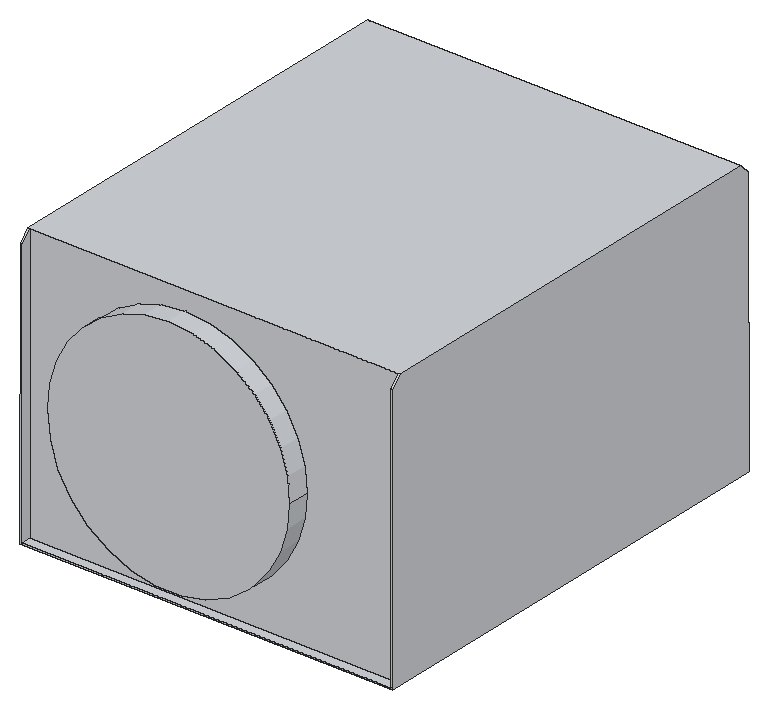
Revit family "CADS_Vent-Axia_MechEquip_Fan_QP_QuietPackAcoustic - EXTRACT", category Mechanical Equipment, host Face, Revit 2020
Family settings
  Host = Face
  Round Connector Dimension = Use Diameter
  Classification = None
  Part Type = Normal
  OmniClass Number = 23.75.35.17.11
  OmniClass Title = Fans for Air Ductwork
  Cut with Voids When Loaded = No
  Shared = No
  Room Calculation Point = No
Parameters (values of type "QP500C")
  WorkingPressure = 0.0 Pa
  WarrantyStartDate [instance] = "1900-12-31T23:59:59"
  WarrantyPeriod = ""
  WarrantyIdentifier = "N/A"
  WarrantyGuarantorParts = "tech@vent-axia.com"
  WarrantyGuarantorLabor = "tech@vent-axia.com"
  WarrantyGuarantor = "Vent-Axia Limited"
  WarrantyEndDate [instance] = "1900-12-31T23:59:59"
  WarrantyContent = ""
  W = 0 mm
  Type Image = CADS_Vent-Axia_MechEquip_Fan_QP_QuietPackAcoustic.jpg
  TemperatureRange = ""
  TagNumber [instance] = "N/A"
  SustainabilityPerformance = ""
  Status = "New"
  SpigotLength = (OverallLength - NominalLength) / 2  # 44 mm
  SpigotCLHeight = 286 mm
  Size = ""
  Shape = ""
  ServiceLifeType = ""
  ServiceLifeDuration = ""
  SerialNumber [instance] = "N/A"
  ReplacementCost = ""
  RatedVoltage = 0 V
  RatedCurrent = 0 A
  Quantity = 1
  ProductionYear = ""
  PressureCurve = ""
  PowerFactor = ""
  PointOfContact = ""
  OverallLength = 1006 mm
  OutOffset = 326 mm
  NumberOfPoles = 0
  NominalWidth = 769 mm
  NominalLength = 918 mm
  NominalHeight = 575 mm
  NominalFrequencyRange = ""
  NominalDiameter = 500 mm
  ModelReference = "ACOUSTIC BOX FAN, 500 DIA SPIGOTS"
  ModelNumber = "QP500C"
  Material = ""
  ManufacturerE-Mail = "tech@vent-axia.com"
  ManufacturerAddress = "Fleming Way\nCrawley \nRH10 9YX"
  L = NominalLength - 40 mm  # 878 mm
  IsExtendedWarranty = no
  InsulationStandardClass = ""
  InstallationDate [instance] = "1900-12-31T23:59:59"
  IfcExportType [instance] = ""
  IfcExportAs [instance] = "IfcFanType"
  IP_Code = ""
  HasProtectiveEarth = no
  H = 0 mm
  GrossWeight = 0.00 kg
  Grade = ""
  GlobalTradeItemNumber [instance] = "N/A"
  Fitting Type = "Ignore"
  Finish = ""
  Features = ""
  ExteriorInsulation = no
  ExpectedServiceLife = 0
  Exclusions = ""
  EBVoffset = 55 mm
  EBHoffset = 110 mm
  DurationUnit = "Year"
  Default Elevation = 1219.2 mm
  Constituents = ""
  ConductorFunction = ""
  Color = ""
  CodePerformance = ""
  Category = ""
  CADS_Usage = 0
  CADS_Index = 0
  AssetType = "FIXED"
  AssetIdentifier [instance] = "N/A"
  AssemblyPlace = "UNKNOWN"
  ArticleNumber [instance] = "N/A"
  AirflowRateRange = 0.0 L/s
  Air Flow [instance] = 0.0 L/s
  AccessibilityPerformance = ""
Types (9, lengths in mm): name | Type Image | SpigotLength | SpigotCLHeight | OverallLength | OutOffset | NominalWidth | NominalLength | NominalHeight | NominalDiameter | ModelReference | ModelNumber | L
  QP100C | <None> | 30 | 94 | 460 | 111 | 310 | 400 | 190 | 100 | "ACOUSTIC BOX FAN, 100 DIA SPIGOTS" | "QP100C" | 360
  QP125C | <None> | 30 | 94 | 460 | 111 | 310 | 400 | 190 | 125 | "ACOUSTIC BOX FAN, 125 DIA SPIGOTS" | "QP125C" | 360
  QP150C | <None> | 30 | 94 | 460 | 111 | 310 | 400 | 190 | 150 | "ACOUSTIC BOX FAN, 150 DIA SPIGOTS" | "QP150C" | 360
  QP160C | <None> | 30 | 94 | 460 | 111 | 310 | 400 | 190 | 160 | "ACOUSTIC BOX FAN, 160 DIA SPIGOTS" | "QP160C" | 360
  QP200C | <None> | 30 | 141 | 515 | 127 | 364 | 455 | 285 | 200 | "ACOUSTIC BOX FAN, 200 DIA SPIGOTS" | "QP200C" | 415
  QP250C | <None> | 30 | 141 | 515 | 127 | 364 | 455 | 285 | 250 | "ACOUSTIC BOX FAN, 250 DIA SPIGOTS" | "QP250C" | 415
  QP315C | <None> | 31 | 227 | 792 | 243 | 572 | 730 | 456 | 315 | "ACOUSTIC BOX FAN,315 DIA SPIGOTS" | "QP315C" | 690
  QP400C | <None> | 31 | 227 | 792 | 243 | 572 | 730 | 456 | 400 | "ACOUSTIC BOX FAN, 400 DIA SPIGOTS" | "QP400C" | 690
  QP500C | CADS_Vent-Axia_MechEquip_Fan_QP_QuietPackAcoustic.jpg | 44 | 286 | 1006 | 326 | 769 | 918 | 575 | 500 | "ACOUSTIC BOX FAN, 500 DIA SPIGOTS" | "QP500C" | 878
Reference planes
  plane 1 "Center (Front/Back)": y = 0
  plane 2: z = 0
  plane 3 "Center (Left/Right)": x = 0
  plane 4 "Left Face": x = -384.5
  plane 5 "out face": y = -439
  plane 6 "right face": x = 384.5
  plane 7 "in face": y = 439
  plane 8: x = -58.5
  plane 9: z = 286
  plane 10 "top face": z = 575
  plane 11: y = -459
  plane 12: y = 459
  plane 13: x = 404.5
  plane 14: y = 438.348
  plane 15: y = -438.2
Forms (mm)
  Extrusion 1, solid
    sketch origin (0, 0, 0) x (1, 0, 0) y (0, 1, 0)
      loop
        line (-384.5, 439) -> (-384.5, -439) -> (384.5, -439) -> (384.5, 439) -> (-384.5, 439)
    from 0 to 575 <- "NominalHeight"
  Extrusion 2, solid
    sketch origin (-22.5, -439, -5) x (1, 0, 0) y (0, 0, 1)
      loop
        circle (-36, 291) r 250
    from 0 to 44 <- "SpigotLength"
  Extrusion 3, solid
    sketch origin (0, 439, 0) x (1, 0, 0) y (0, 0, -1)
      loop
        circle (0, -286) r 250
    from 0 to 44 <- "SpigotLength"
  Sweep 4, solid
    path origin (0, -439, 0) x (1, 0, 0) y (0, 0, 1)
      loop
        line (-384.5, 575) -> (-384.5, 0) -> (384.5, 0) -> (384.5, 575)
    profile origin (-384.5, -439, 287.5) x (0, -1, 0) y (1, 0, 0)
      loop
        line (0, 0) -> (20, 0) -> (20, 3) -> (0, 3) -> (0, 0)
  Sweep 5, solid
    path origin (0, 439, 0) x (1, 0, 0) y (0, 0, 1)
      loop
        line (384.5, 575) -> (384.5, 0) -> (-384.5, 0) -> (-384.5, 575)
    profile origin (384.5, 439, 287.5) x (0, 1, 0) y (-1, 0, 0)
      loop
        line (20, 3) -> (0, 3) -> (0, 0) -> (20, 0) -> (20, 3)
  Sweep 6, void
    path origin (0, 0, 575) x (1, 0, 0) y (0, 1, 0)
      loop
        line (-384.5, -459) -> (404.5, -459) -> (404.5, 459) -> (-384.5, 459)
    profile origin (10, -459, 575) x (0, 1, 0) y (0, 0, 1)
      loop
        line (20, 0) -> (0, 0) -> (0, -20) -> (20, 0)
Cuts and joins
  Sweep 6 cuts Extrusion 1
  Sweep 6 cuts Sweep 4
  Sweep 6 cuts Sweep 5
  joined: Extrusion 1, Sweep 4, Sweep 5
Lines and regions (mm)
  model lines
    curve 1: line (0, 0, 575) -> (0, 100, 575)
    curve 2: line (0, 0, 575) -> (-7.765, 28.978, 575)
    curve 3: line (0, 0, 575) -> (7.765, 28.978, 575)
  model lines, not visible
    curve 4: line (0, 0, 575) -> (0, 100, 575)
    curve 5: line (0, 0, 575) -> (-7.765, 28.978, 575)
    curve 6: line (0, 0, 575) -> (7.765, 28.978, 575)
Dimensions and locks
  "NominalWidth": plane 4 "Left Face" to plane 6 "right face"
  equal spacing: plane 4 "Left Face", plane 3 "Center (Left/Right)", plane 6 "right face"
  "L": plane 5 "out face" to plane 7 "in face"
  equal spacing: plane 5 "out face", plane 1 "Center (Front/Back)", plane 7 "in face"
  "OutOffset": plane 4 "Left Face" to plane 8
  "SpigotCLHeight": plane 9 to plane 2
  locked: Extrusion 2 sketch curve to plane 8
  Extrusion 3 sketch curve to plane 9 = 0 mm
  locked: Extrusion 2 sketch curve to plane 9
  "NominalHeight": level to plane 10 "top face"
  plane 5 "out face" to plane 11 = 20 mm
  plane 7 "in face" to plane 12 = 20 mm
  plane 6 "right face" to plane 13 = 20 mm
  plane 3 "Center (Left/Right)" to Extrusion 3 sketch curve = 0 mm
  "NominalDiameter": diameter of Extrusion 2 sketch curve
  "NominalDiameter": diameter of Extrusion 3 sketch curve
  aligned and locked: plane 2 to host face
  aligned and locked: level to host face
  aligned and locked: Sweep 4 sketch curve to plane 6 "right face"
  aligned and locked: Sweep 4 sketch curve to plane 4 "Left Face"
  aligned and locked: Sweep 6 sketch curve to plane 12
  aligned and locked: Sweep 6 sketch curve to plane 13
  aligned and locked: profile plane to Sweep 4 sketch curve
  aligned and locked: plane 11 to Sweep 4 sketch curve
  aligned and locked: plane 3 "Center (Left/Right)" to curve 1
  aligned and locked: plane 1 "Center (Front/Back)" to curve 3
Automatic sketch dimensions
  host sketch curve to host sketch curve = 2438.4 mm  (x2)
  Extrusion 1 sketch curve to plane 4 "Left Face" = 0 mm
  Extrusion 1 sketch curve to plane 5 "out face" = 0 mm
  Extrusion 1 sketch curve to plane 6 "right face" = 0 mm
  plane 7 "in face" to Extrusion 1 sketch curve = 0 mm
  profile plane to Sweep 4 sketch curve = 0 mm
  Sweep 4 sketch curve to profile plane = 3 mm
  Sweep 5 sketch curve to profile plane = 3 mm
  plane 7 "in face" to Sweep 5 sketch curve = 20 mm
  profile plane to Sweep 5 sketch curve = 0 mm
  Sweep 5 sketch curve to Sweep 5 sketch curve = 20 mm
  Sweep 6 sketch curve to plane 4 "Left Face" = 0 mm  (x2)
  Sweep 6 sketch curve to plane 11 = 0 mm
  Sweep 6 sketch curve to plane 10 "top face" = 0 mm
  Sweep 6 sketch curve to profile plane = 0 mm
  Sweep 6 sketch curve to Sweep 6 sketch curve = 20 mm  (x2)
  Sweep 4 sketch curve to level = 0 mm
  Sweep 4 sketch curve to plane 10 "top face" = 0 mm  (x2)
  Sweep 5 sketch curve to level = 0 mm
  Sweep 5 sketch curve to plane 4 "Left Face" = 0 mm
  plane 6 "right face" to Sweep 5 sketch curve = 0 mm
  Sweep 5 sketch curve to plane 10 "top face" = 0 mm  (x2)
Connectors
  hvac at (-58.5, -483, 286), driven by "NominalDiameter", driven by "Air Flow"
    settings: on Extrusion 2, index 1, duct flow 0.0 L/s, flow factor 0, pres drop 0.0 Pa, loss coef 0, conn angle 0.00°, conn width 304.8 mm, conn height 304.8 mm, conn diameter 500 mm, duct sys type 3, conn prof type 0, flow config 1, flow direction 2, loss method 0, conn ref index -1, conn util no, is conn primary yes, conn desc ""
  hvac at (0, 483, 286), driven by "NominalDiameter", driven by "Air Flow"
    settings: on Extrusion 3, index 2, duct flow 0.0 L/s, flow factor 0, pres drop 0.0 Pa, loss coef 0, conn angle 0.00°, conn width 304.8 mm, conn height 304.8 mm, conn diameter 500 mm, duct sys type 2, conn prof type 0, flow config 0, flow direction 1, loss method 0, conn ref index -1, conn util no, is conn primary no, conn desc ""
